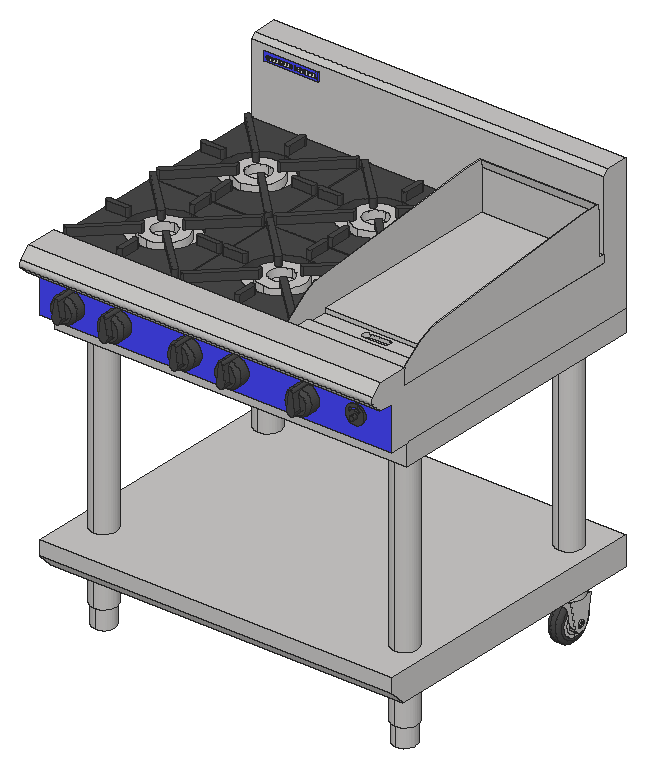
Revit family "QF_MOFFAT_BLUESEAL_CE_G516C-LS", category Specialty Equipment, Revit 2012 (continued)
Definition of nested family "GAS BURNER 600 & GRIDDLE 300"
  Definition of nested family "GAS BURNER 600"
    Automatic sketch dimensions
      Extrusion 6 sketch curve to Extrusion 6 sketch curve = 30 mm  (x2)
      Extrusion 6 sketch curve to plane 5 "FRONT" = 225.5 mm
      plane 4 "RIGHT" to Extrusion 6 sketch curve = 150 mm  (x2)
      curve 1 to plane 7 "Center Y" = 123.076 mm
      curve 2 to curve 2 = 4.525 mm
      curve 1 to plane 7 "Center Y" = 15.153 mm
      curve 1 to curve 4 = 4.525 mm
      plane 1 "BACK" to curve 3 = 139.576 mm
      plane 1 "BACK" to curve 4 = 31.653 mm
      curve 7 to plane 7 "Center Y" = 58.102 mm
      curve 8 to plane 7 "Center Y" = 8.898 mm
      curve 8 to curve 2 = 20.524 mm
      curve 6 to curve 5 = 6.4 mm
      plane 7 "Center Y" to curve 9 = 6.102 mm
      curve 9 to curve 12 = 4.525 mm
      plane 7 "Center Y" to curve 10 = 114.025 mm
      curve 10 to curve 10 = 4.525 mm
      curve 5 to curve 10 = 20.524 mm
      curve 3 to curve 9 = 0 mm
      plane 1 "BACK" to curve 13 = 25.398 mm
      curve 10 to curve 13 = 20.524 mm
      curve 13 to curve 16 = 6.4 mm
      curve 14 to curve 15 = 49.204 mm
      curve 11 to curve 17 = 53.847 mm
      curve 18 to curve 18 = 4.525 mm
      plane 4 "RIGHT" to curve 17 = 15.153 mm
      curve 20 to curve 20 = 4.525 mm
      curve 18 to curve 11 = 9.051 mm
      plane 1 "BACK" to curve 20 = 31.653 mm
      plane 4 "RIGHT" to curve 22 = 58.102 mm
      plane 4 "RIGHT" to curve 21 = 8.898 mm
      curve 23 to curve 18 = 33.324 mm
      curve 22 to curve 22 = 6.4 mm
      curve 26 to curve 18 = 9.051 mm
      curve 27 to curve 26 = 4.525 mm
      plane 8 "Center X" to curve 27 = 3.602 mm
      plane 4 "RIGHT" to curve 27 = 15.153 mm
      curve 27 to curve 28 = 4.525 mm
      curve 27 to curve 18 = 62.898 mm
      curve 30 to curve 26 = 31.449 mm
      curve 192 to curve 27 = 21.025 mm
      curve 26 to curve 29 = 31.449 mm
      curve 14 to curve 31 = 0.009 mm
      curve 32 to curve 29 = 29.082 mm
      curve 31 to curve 29 = 2 mm
      curve 29 to curve 33 = 0 mm  (x2)
      curve 29 to curve 34 = 27 mm
      curve 211 to curve 2 = 31.449 mm
      curve 35 to curve 3 = 83.924 mm
      curve 35 to curve 2 = 31.449 mm
      curve 37 to curve 211 = 0.009 mm
      curve 216 to curve 35 = 29.082 mm
      curve 38 to curve 36 = 2 mm
      curve 42 to curve 185 = 6.391 mm
      curve 41 to curve 40 = 6.4 mm
      curve 185 to curve 41 = 9.816 mm
      plane 1 "BACK" to curve 41 = 25.398 mm
      plane 7 "Center Y" to curve 44 = 8.898 mm
      curve 44 to curve 45 = 49.204 mm
      curve 7 to curve 44 = 0 mm
      curve 45 to curve 44 = 6.4 mm
      plane 7 "Center Y" to curve 48 = 6.102 mm
      curve 48 to curve 48 = 4.525 mm
      curve 50 to curve 33 = 35.975 mm
      curve 47 to curve 50 = 4.525 mm
      plane 8 "Center X" to curve 48 = 3.602 mm
      curve 50 to curve 33 = 5.975 mm
      plane 8 "Center X" to curve 53 = 6.398 mm
      curve 53 to curve 32 = 6.409 mm
      curve 53 to curve 54 = 6.4 mm
      curve 52 to curve 32 = 9.316 mm
      plane 1 "BACK" to curve 56 = 0 mm
      plane 7 "Center Y" to curve 57 = 1 mm
      curve 57 to curve 56 = 3 mm
      curve 59 to plane 8 "Center X" = 1 mm
      plane 7 "Center Y" to curve 59 = 4 mm
      plane 4 "RIGHT" to curve 55 = 4 mm
      plane 4 "RIGHT" to curve 59 = 4 mm
      plane 4 "RIGHT" to curve 60 = 1 mm
      plane 1 "BACK" to curve 64 = 0 mm
      curve 66 to plane 8 "Center X" = 1 mm
      plane 3 "LEFT" to curve 66 = 4 mm
      plane 3 "LEFT" to curve 63 = 4 mm
      plane 3 "LEFT" to curve 64 = 1 mm
      curve 70 to plane 7 "Center Y" = 4 mm
      curve 68 to plane 7 "Center Y" = 4 mm
      curve 70 to plane 7 "Center Y" = 1 mm
      plane 5 "FRONT" to curve 74 = 0 mm
      plane 3 "LEFT" to curve 72 = 1 mm
      plane 3 "LEFT" to curve 74 = 4 mm
      curve 71 to curve 66 = 0 mm
      curve 75 to plane 7 "Center Y" = 4 mm
      curve 78 to plane 7 "Center Y" = 4 mm
      curve 77 to plane 7 "Center Y" = 1 mm
      curve 78 to curve 67 = 6 mm
      plane 5 "FRONT" to curve 82 = 0 mm
      plane 7 "Center Y" to curve 80 = 1 mm
      plane 7 "Center Y" to curve 82 = 4 mm
      curve 79 to curve 59 = 0 mm  (x2)
      plane 4 "RIGHT" to curve 83 = 4 mm
      plane 4 "RIGHT" to curve 84 = 1 mm
      curve 78 to curve 80 = 0 mm
      curve 35 to curve 88 = 26.924 mm
      curve 89 to curve 88 = 4.525 mm
      plane 8 "Center X" to curve 90 = 3.602 mm
      curve 90 to curve 68 = 11.153 mm
      curve 89 to curve 90 = 4.525 mm
      curve 35 to curve 89 = 21.025 mm
      plane 3 "LEFT" to curve 94 = 6.102 mm
      curve 94 to curve 94 = 4.525 mm
      curve 92 to curve 38 = 35.966 mm
      curve 92 to curve 92 = 4.525 mm
      plane 8 "Center X" to curve 91 = 3.602 mm
      curve 188 to curve 92 = 21.025 mm
      plane 3 "LEFT" to curve 98 = 8.898 mm
      curve 97 to curve 97 = 49.204 mm
      curve 93 to curve 98 = 20.524 mm
      curve 95 to curve 98 = 6.4 mm
      plane 3 "LEFT" to curve 102 = 6.102 mm
      curve 99 to curve 102 = 4.525 mm
      curve 100 to curve 36 = 35.975 mm
      curve 99 to curve 100 = 4.525 mm
      curve 36 to curve 100 = 26.924 mm
      curve 102 to curve 64 = 28.653 mm
      curve 35 to curve 103 = 0 mm  (x2)
      curve 35 to curve 104 = 27 mm
      curve 107 to curve 38 = 6.391 mm
      curve 107 to curve 108 = 6.4 mm
      plane 8 "Center X" to curve 108 = 6.398 mm
      curve 106 to curve 216 = 9.316 mm
      curve 112 to curve 107 = 0 mm
      curve 111 to curve 110 = 6.4 mm
      curve 111 to plane 8 "Center X" = 60.602 mm
      curve 110 to plane 8 "Center X" = 11.398 mm
      curve 109 to curve 114 = 20.524 mm
      curve 114 to curve 114 = 4.525 mm
      curve 116 to curve 78 = 11.153 mm
      curve 116 to curve 116 = 4.525 mm
      curve 115 to curve 109 = 64.974 mm
      curve 116 to curve 78 = 10.653 mm
      plane 3 "LEFT" to curve 118 = 6.102 mm
      curve 118 to curve 118 = 4.525 mm
      curve 120 to curve 113 = 62.898 mm
      curve 119 to curve 120 = 4.525 mm
      curve 120 to curve 113 = 9.051 mm
      curve 119 to curve 72 = 10.653 mm
      plane 3 "LEFT" to curve 121 = 8.898 mm
      curve 121 to curve 124 = 49.204 mm
      curve 123 to curve 120 = 33.324 mm
      curve 123 to curve 124 = 6.4 mm
      plane 3 "LEFT" to curve 126 = 6.102 mm
      curve 125 to curve 126 = 4.525 mm
      curve 125 to curve 119 = 0 mm
      curve 125 to curve 128 = 4.525 mm
      curve 74 to curve 127 = 19.602 mm
      curve 127 to curve 119 = 62.898 mm
      curve 127 to curve 130 = 20.524 mm
      curve 131 to curve 132 = 6.4 mm
      curve 132 to plane 5 "FRONT" = 25.398 mm
      curve 132 to curve 131 = 47.704 mm
      curve 127 to curve 136 = 53.847 mm
      curve 133 to curve 136 = 4.525 mm
      curve 134 to plane 7 "Center Y" = 15.153 mm
      curve 133 to curve 134 = 4.525 mm
      curve 76 to curve 134 = 19.602 mm
      curve 127 to curve 136 = 0 mm
      curve 208 to curve 130 = 0.009 mm
      curve 130 to curve 208 = 9.316 mm
      curve 137 to curve 120 = 29.949 mm
      curve 137 to curve 200 = 0.009 mm
      curve 208 to curve 139 = 29.082 mm
      curve 137 to curve 203 = 2 mm
      curve 203 to curve 141 = 0 mm  (x2)
      curve 139 to curve 142 = 27 mm
      curve 144 to plane 7 "Center Y" = 58.102 mm
      curve 143 to plane 7 "Center Y" = 8.898 mm
      curve 135 to curve 144 = 20.524 mm
      curve 144 to curve 144 = 6.4 mm
      plane 7 "Center Y" to curve 149 = 6.102 mm
      curve 148 to curve 148 = 4.525 mm
      plane 7 "Center Y" to curve 150 = 114.025 mm
      curve 149 to curve 150 = 4.525 mm
      curve 143 to curve 150 = 20.524 mm
      curve 149 to curve 80 = 10.653 mm
      curve 151 to curve 53 = 0 mm
      curve 151 to curve 154 = 6.4 mm
      curve 152 to plane 8 "Center X" = 60.602 mm
      curve 151 to plane 8 "Center X" = 11.398 mm
      curve 150 to curve 156 = 53.847 mm
      curve 156 to curve 156 = 4.525 mm
      curve 155 to curve 86 = 11.153 mm
      curve 155 to curve 158 = 4.525 mm
      curve 157 to curve 150 = 9.051 mm
      curve 158 to curve 86 = 10.653 mm
      plane 4 "RIGHT" to curve 160 = 58.102 mm
      plane 4 "RIGHT" to curve 159 = 8.898 mm
      curve 161 to curve 156 = 33.324 mm
      curve 160 to curve 160 = 6.4 mm
      curve 164 to curve 156 = 9.051 mm
      curve 164 to curve 164 = 4.525 mm
      plane 4 "RIGHT" to curve 165 = 15.153 mm
      curve 165 to curve 166 = 4.525 mm
      curve 84 to curve 165 = 19.602 mm
      curve 164 to curve 156 = 62.898 mm
      plane 7 "Center Y" to curve 170 = 6.102 mm
      curve 170 to curve 170 = 4.525 mm
      curve 168 to curve 150 = 0 mm
      curve 168 to curve 168 = 4.525 mm  (x2)
      curve 82 to curve 170 = 19.602 mm
      curve 167 to curve 164 = 0 mm
      plane 7 "Center Y" to curve 171 = 8.898 mm
      curve 174 to curve 172 = 49.204 mm
      curve 169 to curve 172 = 20.524 mm
      curve 171 to curve 172 = 6.4 mm
      curve 167 to curve 176 = 20.524 mm
      curve 178 to curve 178 = 6.4 mm
      curve 177 to plane 5 "FRONT" = 25.398 mm
      curve 175 to curve 175 = 47.704 mm
      curve 180 to curve 156 = 31.44 mm
      curve 176 to curve 180 = 9.316 mm
      curve 180 to curve 156 = 29.949 mm
      curve 182 to curve 179 = 0.009 mm
      curve 195 to curve 181 = 29.082 mm
      curve 179 to curve 181 = 2 mm
      curve 181 to curve 183 = 0 mm  (x2)
      curve 181 to curve 184 = 27 mm
      curve 37 to curve 38 = 0 mm  (x2)
      curve 185 to curve 100 = 22.227 mm
      curve 37 to curve 185 = 0 mm
      curve 2 to curve 37 = 22.219 mm
      curve 35 to curve 36 = 0 mm  (x2)
      curve 88 to curve 35 = 3.923 mm
      curve 35 to curve 211 = 0 mm
      curve 193 to curve 92 = 13.004 mm
      curve 29 to curve 30 = 0 mm  (x2)
      curve 189 to curve 10 = 13.126 mm
      curve 29 to curve 189 = 0 mm  (x2)
      curve 18 to curve 190 = 4.076 mm
      curve 29 to curve 190 = 0 mm
      curve 29 to curve 191 = 0 mm  (x2)
      curve 26 to curve 29 = 3.923 mm
      curve 189 to curve 50 = 13.004 mm
      curve 35 to curve 188 = 0 mm
      curve 35 to curve 193 = 0 mm  (x2)
      curve 193 to curve 100 = 13.126 mm
      curve 179 to curve 180 = 0 mm  (x2)
      curve 156 to curve 194 = 33.052 mm
      curve 179 to curve 194 = 0 mm  (x2)
      curve 179 to curve 195 = 0 mm
      curve 181 to curve 198 = 0 mm  (x2)
      curve 164 to curve 181 = 2.142 mm
      curve 181 to curve 196 = 0 mm  (x2)
      curve 198 to curve 168 = 11.581 mm
      curve 181 to curve 182 = 0 mm  (x2)
      curve 182 to curve 150 = 5.985 mm
      curve 181 to curve 197 = 0 mm
      curve 156 to curve 196 = 14.64 mm
      curve 203 to curve 140 = 0 mm  (x2)
      curve 114 to curve 200 = 5.985 mm
      curve 203 to curve 200 = 0 mm
      curve 201 to curve 120 = 14.64 mm
      curve 203 to curve 201 = 0 mm  (x2)
      curve 201 to curve 128 = 11.581 mm
      curve 139 to curve 140 = 0 mm  (x2)
      curve 136 to curve 139 = 2.142 mm
      curve 137 to curve 138 = 0 mm  (x2)
      curve 203 to curve 137 = 9.467 mm
      curve 137 to curve 204 = 0 mm  (x2)
      curve 137 to curve 204 = 8.936 mm
      curve 137 to curve 205 = 0 mm
      curve 205 to curve 140 = 18.13 mm
      curve 206 to curve 205 = 8.937 mm
      curve 206 to curve 205 = 9.165 mm
      curve 137 to curve 206 = 0 mm  (x2)
      curve 138 to curve 201 = 11.124 mm
      curve 139 to curve 202 = 0 mm  (x2)
      curve 202 to curve 202 = 1.784 mm
      curve 137 to curve 208 = 0 mm
      curve 203 to curve 204 = 20.253 mm
      curve 208 to curve 204 = 9.136 mm
      curve 208 to curve 204 = 8.967 mm
      curve 139 to curve 207 = 0 mm
      curve 139 to curve 203 = 9.439 mm
      curve 202 to curve 207 = 4.893 mm
      curve 207 to curve 202 = 4.003 mm
      curve 206 to curve 138 = 9.138 mm
      curve 138 to curve 206 = 8.965 mm
      curve 201 to curve 202 = 2.762 mm
      curve 202 to curve 201 = 2.96 mm
      curve 206 to curve 201 = 18.412 mm
      curve 203 to curve 136 = 6.958 mm
      curve 200 to curve 203 = 8.655 mm
      curve 201 to curve 140 = 9.447 mm
      curve 179 to curve 209 = 0 mm
      curve 210 to curve 182 = 27.057 mm
      curve 179 to curve 210 = 0 mm  (x2)
      curve 180 to curve 197 = 25.774 mm
      curve 181 to curve 199 = 0 mm
      curve 180 to curve 198 = 16.335 mm
      curve 198 to curve 182 = 8.655 mm
      curve 198 to curve 169 = 6.958 mm
      curve 199 to curve 196 = 8.655 mm
      curve 196 to curve 199 = 9.447 mm
      curve 181 to curve 196 = 9.439 mm
      curve 181 to curve 196 = 8.668 mm
      curve 210 to curve 209 = 8.936 mm
      curve 195 to curve 194 = 9.138 mm
      curve 179 to curve 194 = 8.937 mm
      curve 194 to curve 179 = 9.165 mm
      curve 195 to curve 194 = 8.965 mm
      curve 35 to curve 187 = 0 mm  (x2)
      curve 2 to curve 187 = 13.126 mm
      curve 31 to curve 32 = 0 mm  (x2)
      curve 212 to curve 189 = 9.093 mm
      curve 31 to curve 212 = 0 mm
      curve 190 to curve 31 = 18.152 mm
      curve 31 to curve 213 = 0 mm  (x2)
      curve 29 to curve 214 = 19.967 mm
      curve 31 to curve 214 = 0 mm
      curve 31 to curve 215 = 0 mm  (x2)
      curve 32 to curve 192 = 19.959 mm
      curve 31 to curve 213 = 9.204 mm
      curve 29 to curve 192 = 0 mm
      curve 190 to curve 191 = 9.051 mm
      curve 214 to curve 213 = 8.97 mm
      curve 214 to curve 213 = 9.134 mm
      curve 29 to curve 191 = 9.081 mm
      curve 29 to curve 191 = 9.019 mm
      curve 32 to curve 189 = 10.878 mm
      curve 192 to curve 189 = 9.019 mm
      curve 215 to curve 32 = 8.969 mm
      curve 32 to curve 215 = 9.135 mm
      curve 215 to curve 212 = 9.203 mm
      curve 215 to curve 212 = 8.899 mm
      curve 189 to curve 30 = 9.051 mm  (x2)
      curve 37 to curve 186 = 0 mm  (x2)
      curve 187 to curve 186 = 19.847 mm
      curve 37 to curve 216 = 0 mm
      curve 216 to curve 186 = 8.969 mm
      curve 35 to curve 187 = 9.081 mm
      curve 193 to curve 188 = 9.081 mm
      curve 188 to curve 193 = 9.019 mm
      curve 37 to curve 217 = 0 mm  (x2)
      curve 38 to curve 193 = 10.886 mm
      curve 217 to curve 38 = 8.97 mm
      curve 38 to curve 217 = 9.134 mm
      curve 217 to curve 185 = 9.204 mm
      curve 216 to curve 186 = 9.135 mm
      curve 37 to curve 186 = 9.203 mm
      curve 186 to curve 37 = 8.899 mm
      curve 211 to curve 187 = 9.051 mm
      curve 187 to curve 87 = 8.754 mm
      curve 193 to curve 36 = 9.051 mm
      curve 2 to curve 211 = 8.601 mm
      radius of Extrusion 1 sketch curve = 84.082 mm  (x2)
      radius of Extrusion 4 sketch curve = 84.082 mm  (x2)
  Definition of nested family "GAS GRIDDLE PLATE 300"
    Parameters (values of type "GAS GRIDDLE PLATE 300")
      Width [instance] = 300 mm
      Weight in Pounds = 0
      URL Cutsheet = ""
      Type Mark [instance] = ""
      Status [instance] = ""
      Specification by User [instance] = ""
      Specification by Manufacturer = ""
      Serial Number = ""
      Seismic Rating = ""
      SMACNA No = ""
      Revision Code [instance] = ""
      Omniclass Number and Title = ""
      NAFEM Spec ID Number = ""
      Masterspec = ""
      Item Number [instance] = ""
      Installed By [instance] = ""
      Identify Quantity as Lot [instance] = yes
      Furnished By [instance] = ""
      Foodservice Equipment Identifier [instance] = yes
      Depth [instance] = 620 mm
      CSI MasterFormat = ""
      CSI Master Format = ""
    Reference planes
      plane 1 "BACK": y = 0
      plane 2: z = 0
      plane 3 "LEFT": x = 0
      plane 4 "RIGHT": x = 300
      plane 5 "FRONT": y = -620
      plane 6 "TOP": z = 142.5
      plane 7 "Center Y": x = 150
      plane 8 "Center X": y = -310
      plane 9: y = -530.997
      plane 10: y = -541.497
      plane 11: y = -503.25
      plane 12: y = -557.737
    Forms (mm)
      Extrusion 1, solid, material "QF_Finishes_Stainless Steel"
        sketch origin (0, 70.003, -874.5) x (0, 1, 0) y (0, 0, 1)
          loop
            line (-70, 875) -> (-70, 997.489) -> (-75.228, 1017) -> (-117.24, 1017) -> (-589.533, 971.523)
            arc (-589.533, 971.523) -> (-614.56, 965.803) -> (-637.306, 953.899) r 100
            line (-637.306, 953.899) -> (-690.003, 917) -> (-690.003, 875) -> (-70, 875)
        from 0 to 1.8
      Extrusion 2, solid, material "QF_Finishes_Stainless Steel"
        sketch origin (600, 70.003, -874.5) x (0, -1, 0) y (0, 0, 1)
          loop
            line (70, 875) -> (690.003, 875) -> (690.003, 917) -> (637.306, 953.899)
            arc (637.306, 953.899) -> (614.56, 965.803) -> (589.533, 971.523) r 100
            line (589.533, 971.523) -> (117.24, 1017) -> (75.228, 1017) -> (70, 997.489) -> (70, 875)
        from 300 to 301.2
      Extrusion 3, solid, material "QF_Finishes_Stainless Steel"
        sketch origin (150, 70.003, -874.5) x (0, 1, 0) y (0, 0, 1)
          loop
            line (-55, 895) -> (-573.253, 895) -> (-573.253, 884.5) -> (-627.74, 884.5) -> (-627.74, 895) -> (-690.003, 895) -> (-690.003, 875) -> (-55, 875) -> (-55, 895)
        from -148.2 to 150
      Extrusion 4, void
        sketch origin (150, -541.497, 10) x (0, -1, 0) y (1, 0, 0)
          loop
            arc (-7.497, 25) -> (-17.497, 35) -> (-27.497, 25) r 10
            line (-27.497, 25) -> (-27.497, -25)
            arc (-27.497, -25) -> (-17.497, -35) -> (-7.497, -25) r 10
            line (-7.497, -25) -> (-7.497, 25)
        from -41.4 to 40.142
      Extrusion 5, solid, material "QF_Finishes_Stainless Steel"
        sketch origin (0, 70.003, -874.5) x (0, 1, 0) y (0, 0, 1)
          loop
            line (-70, 875) -> (-70, 997.489) -> (-75.228, 1017) -> (-76.884, 1017) -> (-71.6, 997.278) -> (-71.6, 875) -> (-70, 875)
        from 0 to 298.8
    Cuts and joins
      Extrusion 4 cuts Extrusion 3
      joined: Extrusion 1, Extrusion 2, Extrusion 3, Extrusion 5
    Lines and regions (mm)
      symbolic lines
        curve 1: line (300, -503.25, 0) -> (0, -503.25, 0)
        curve 2: line (0, -557.737, 0) -> (300, -557.737, 0)
        curve 3: line (0, -1.68, 0) -> (300, -1.68, 0)
        curve 4: line (300, -1.68, 0) -> (300, -620, 0)
        curve 5: line (0, -620, 0) -> (0, -1.68, 0)
        curve 6: line (0, -620, 0) -> (300, -620, 0)
        curve 7: arc (175, -534, 0) -> (185, -524, 0) -> (175, -514, 0) r 10
        curve 8: line (175, -514, 0) -> (125, -514, 0)
        curve 9: arc (125, -514, 0) -> (115, -524, 0) -> (125, -534, 0) r 10
        curve 10: line (125, -534, 0) -> (175, -534, 0)
    Dimensions and locks
      equal spacing: plane 3 "LEFT", plane 7 "Center Y", plane 4 "RIGHT"
      "Width": plane 3 "LEFT" to plane 4 "RIGHT"
      equal spacing: plane 5 "FRONT", plane 8 "Center X", plane 1 "BACK"
      "Depth": plane 5 "FRONT" to plane 1 "BACK"
      locked: Extrusion 2 to Extrusion 2 at 1.2
      equal spacing: Extrusion 4 sketch curve, plane 7 "Center Y", Extrusion 4 sketch curve, locked at 35 each
      aligned and locked: level to plane 2
      aligned and locked: Extrusion 2 to plane 4 "RIGHT"
      aligned and locked: curve 1 to plane 11
      aligned and locked: plane 12 to curve 2
      aligned and locked: Extrusion 5 to cut or joined group of Extrusion 1, Extrusion 2, Extrusion 3, Extrusion 4, Extrusion 5
    Automatic sketch dimensions
      Extrusion 1 sketch curve to plane 5 "FRONT" = 0 mm
      Extrusion 1 sketch curve to plane 6 "TOP" = 0 mm
      plane 12 to Extrusion 1 sketch curve = 9.566 mm
      plane 11 to Extrusion 1 sketch curve = 16.28 mm
      Extrusion 1 sketch curve to level = 2.516 mm
      plane 11 to Extrusion 1 sketch curve = 6.695 mm
      plane 1 "BACK" to Extrusion 1 sketch curve = 47.237 mm
      plane 1 "BACK" to Extrusion 1 sketch curve = 5.225 mm
      Extrusion 1 sketch curve to plane 1 "BACK" = 0.003 mm
      level to Extrusion 1 sketch curve = 0.5 mm
      Extrusion 1 sketch curve to Extrusion 1 sketch curve = 42 mm
      Extrusion 1 sketch curve to plane 6 "TOP" = 63.101 mm
      Extrusion 1 sketch curve to plane 6 "TOP" = 19.511 mm
      Extrusion 2 sketch curve to plane 6 "TOP" = 0 mm
      Extrusion 2 sketch curve to plane 5 "FRONT" = 0 mm
      plane 12 to Extrusion 2 sketch curve = 9.566 mm
      plane 11 to Extrusion 2 sketch curve = 16.28 mm
      Extrusion 2 sketch curve to level = 2.516 mm
      plane 11 to Extrusion 2 sketch curve = 6.695 mm
      plane 1 "BACK" to Extrusion 2 sketch curve = 47.237 mm
      plane 1 "BACK" to Extrusion 2 sketch curve = 5.225 mm
      Extrusion 2 sketch curve to plane 1 "BACK" = 0.003 mm
      level to Extrusion 2 sketch curve = 0.5 mm
      Extrusion 2 sketch curve to Extrusion 2 sketch curve = 42 mm
      Extrusion 2 sketch curve to plane 6 "TOP" = 63.101 mm
      Extrusion 2 sketch curve to plane 6 "TOP" = 19.511 mm
      Extrusion 3 sketch curve to plane 5 "FRONT" = 0 mm
      Extrusion 3 sketch curve to plane 12 = 0 mm
      Extrusion 3 sketch curve to plane 11 = 0 mm
      Extrusion 3 sketch curve to plane 1 "BACK" = 15.003 mm
      level to Extrusion 3 sketch curve = 0.5 mm
      level to Extrusion 3 sketch curve = 10 mm
      Extrusion 3 sketch curve to Extrusion 3 sketch curve = 10.5 mm  (x2)
      plane 11 to Extrusion 4 sketch curve = 10.75 mm
      Extrusion 4 sketch curve to Extrusion 4 sketch curve = 10 mm
      Extrusion 4 sketch curve to plane 7 "Center Y" = 25 mm
      plane 1 "BACK" to Extrusion 5 sketch curve = 5.225 mm
      Extrusion 5 sketch curve to plane 1 "BACK" = 0.003 mm
      Extrusion 5 sketch curve to plane 6 "TOP" = 19.511 mm
      Extrusion 5 sketch curve to Extrusion 5 sketch curve = 1.6 mm
      Extrusion 5 sketch curve to Extrusion 5 sketch curve = 0.211 mm
      Extrusion 5 sketch curve to plane 6 "TOP" = 0 mm
      Extrusion 5 sketch curve to Extrusion 5 sketch curve = 1.656 mm
      level to Extrusion 5 sketch curve = 0.5 mm
      curve 6 to plane 3 "LEFT" = 0 mm
      curve 4 to plane 4 "RIGHT" = 0 mm
      plane 5 "FRONT" to curve 6 = 0 mm
      plane 11 to curve 8 = 10.75 mm
      curve 8 to plane 7 "Center Y" = 25 mm
      plane 7 "Center Y" to curve 7 = 25 mm
      curve 10 to curve 7 = 20 mm
      plane 1 "BACK" to curve 3 = 1.68 mm
